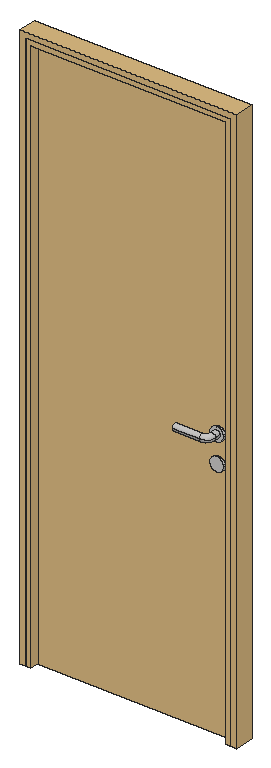
Revit family "BRU_Дверь_Межкомнатная", category Двери, Revit 2021
Family settings
  Основа = Стена
  Номер OmniClass = 23.30.10.00
  Заголовок OmniClass = Doors
  Всегда вертикально = Да
  При загрузке вырезать с полостями = Нет
  Общий = Нет
  Точка принадлежности помещению = Нет
Parameters (values of type "760х2080h")
  Ширина проема = 760 mm
  Функция = Наружные слои
  Угол на плане 30 = yes
  Толщина пола [instance] = 100 mm
  Тип полотна двери = АС-Полотно : Глухое
  Ручка двери = ADSK_Металл_Сталь нержавеющая
  Рама двери_Ширина справа = 50 mm
  Рама двери_Ширина слева = 50 mm
  Рама двери_Ширина внизу = 50 mm
  Рама двери_Ширина вверху = 50 mm
  Рама двери = ADSK_Древесина_Брус
  Полотно_Ширина = Rough Width - Коробка_Ширина * 2  # 740 mm
  Полотно_Высота = Rough Height - Коробка_Ширина  # 2070 mm
  Откосы_Ширина [instance] = 30 mm
  Определить тепловые свойства по = Тип схем
  Высота проема = 2080 mm
  BRU_1С = "Не классифицируется"
  ADSK_Обозначение = "ГОСТ 475-2016"  # constant formula
  Наличник двери = ADSK_Древесина_Брус
  Аналитическая конструкция = "<Нет>"
  ADSK_Этаж [instance] = ""
  ADSK_Примечание [instance] = ""
  ADSK_Позиция [instance] = ""
  ADSK_Наименование = "ДГ 21-8"
  Монтажный зазор_Сверху толщина = 20 mm
  Коробка_Ширина = 30 mm
  Коробка_Толщина = 70 mm
  Правая = yes
  Полотно двери = ADSK_Древесина_Брус
  Остекление двери = none
  Наличник_Ширина [instance] = 60 mm
  Наличник_Толщина [instance] = 10 mm
  Наличник снаружи [instance] = no
  Наличник внутри [instance] = no
  Монтажный зазор_Сбоку толщина = 20 mm
  Вставка_Глубина [instance] = 0 mm
  Левая = not(Правая)  # no
  Инструкция по семейству [instance] = ""
  Огибание наружных слоев [instance] = 0 mm
  Width [instance] = Ширина проема  # 760 mm
  Thickness = 40 mm
  Rough Width = Ширина проема + Монтажный зазор_Сбоку толщина * 2  # 800 mm
  Rough Height = Высота проема + Монтажный зазор_Сверху толщина  # 2100 mm
  Model = ""
  Manufacturer = ""
  Wall Closure = (empty or 0)
  Height [instance] = Высота проема  # 2080 mm
  Описание = "Дверь деревянная внутренняя глухая"
  Тип конструкций = "Дверь деревянная"
  ADSK_Открывание = if(Правая, "Правая", "Левая")  # "Правая"
  ADSK_Наименование краткое = ""
  ADSK_Масса_Текст = ""
  ADSK_Количество [instance] = 0
  ADSK_Код изделия = ""
  ADSK_Зона [instance] = ""
  ADSK_Завод-изготовитель = ""
  ADSK_Единица измерения = ""
  ADSK_Группирование [instance] = ""
  ADSK_URL страницы изделия = ""
  ADSK_URL документации изделия = ""
Types (4, lengths in mm): name | Ширина проема | Полотно_Ширина | Полотно_Высота | Высота проема | ADSK_Наименование | Правая | Левая | Width | Rough Width | Rough Height | Height | ADSK_Открывание
  760х2080h | 760 | 740 | 2070 | 2080 | "ДГ 21-8" | yes | no | 760 | 800 | 2100 | 2080 | "Правая"
  860х2080h | 900 | 880 | 2060 | 2070 | "ДГ 21-9" | yes | no | 900 | 940 | 2090 | 2070 | "Правая"
  760х2080h Л | 800 | 780 | 2060 | 2070 | "ДГ 21-8 Л" | no | yes | 800 | 840 | 2090 | 2070 | "Левая"
  860х2080h Л | 900 | 880 | 2060 | 2070 | "ДГ 21-9 Л" | no | yes | 900 | 940 | 2090 | 2070 | "Левая"
Reference planes
  plane 1: y = 0
  plane 2 "По центру (Влево/Вправо)": x = 0
  plane 3 "Слева": x = -380
  plane 4 "Справа": x = 380
  plane 5: z = 2080
  plane 6 "Наружный": y = 50
  plane 7 "Внутренние": y = -50
  plane 8 "Вставка двери": y = 50
  plane 9 "Четверть сверху": z = 1920
  plane 10 "Полотно двери": y = 10
  plane 11 "Рама внутри": y = -20
  plane 12 "Монтажный зазор слева": x = -400
  plane 13 "Монтажный зазор справа": x = 400
  plane 14 "Монтажный зазор сверху": z = 2100
  plane 15 "Глубина огибания наружного слоя": y = 50
  plane 16: y = 60
  plane 17: y = -60
  plane 18: x = -370
  plane 19: x = 370
  plane 20: z = 1035
  plane 21 "Верх полотна": z = 2070
  plane 22 "Уровень плиты": z = -100
  plane 23: z = 0
Forms (mm)
  Sweep 1, solid, material "ADSK_Древесина_Брус" <- "Наличник двери", visible <- "Наличник снаружи", detail levels fine
    path origin (0, 50, 0) x (1, 0, 0) y (0, 0, 1)
      loop
        line (-380, 0) -> (-380, 2080) -> (380, 2080) -> (380, 0)
    profile origin (-380, 50, 1040) x (-1, 0, 0) y (0, -1, 0)
      loop
        line (20, 0) -> (20, -5)
        arc (20, -5) -> (21.464, -8.536) -> (25, -10) r 5
        line (25, -10) -> (75, -10)
        arc (75, -10) -> (78.536, -8.536) -> (80, -5) r 5
        line (80, -5) -> (80, 0) -> (20, 0)
  Sweep 2, solid, material "ADSK_Древесина_Брус" <- "Наличник двери", visible <- "Наличник внутри", detail levels fine
    path origin (0, -50, 0) x (1, 0, 0) y (0, 0, 1)
      loop
        line (-380, 0) -> (-380, 2080) -> (380, 2080) -> (380, 0)
    profile origin (-380, -50, 1040) x (-1, 0, 0) y (0, -1, 0)
      loop
        line (20, 0) -> (80, 0) -> (80, 5)
        arc (80, 5) -> (78.536, 8.536) -> (75, 10) r 5
        line (75, 10) -> (25, 10)
        arc (25, 10) -> (21.464, 8.536) -> (20, 5) r 5
        line (20, 5) -> (20, 0)
  Sweep 3, solid, material "ADSK_Древесина_Брус" <- "Рама двери", detail levels medium+fine
    path origin (0, 50, 0) x (-1, 0, 0) y (0, 0, 1)
      loop
        line (400, 0) -> (400, 2100) -> (-400, 2100) -> (-400, 0)
    profile origin (400, 50, 1050) x (0, 1, 0) y (-1, 0, 0)
      loop
        line (0, 0) -> (0, 30) -> (-40, 30) -> (-40, 40) -> (-70, 40) -> (-70, 0) -> (0, 0)
  Sweep 4, solid, material "ADSK_Древесина_Брус" <- "Наличник двери", visible <- "Наличник внутри", detail levels fine
    path origin (0, -20, 0) x (-1, 0, 0) y (0, 0, 1)
      loop
        line (380, 0) -> (380, 2080) -> (-380, 2080) -> (-380, 0)
    profile origin (-380, -20, 1040) x (1, 0, 0) y (0, 1, 0)
      loop
        line (0, -35) -> (0, 0) -> (-20, 0) -> (-20, -35) -> (0, -35)
  Sweep 5, solid, material "ADSK_Древесина_Брус" <- "Наличник двери", visible <- "Наличник снаружи", detail levels fine
    path origin (0, 50, 0) x (-1, 0, 0) y (0, 0, 1)
      loop
        line (380, 0) -> (380, 2080) -> (-380, 2080) -> (-380, 0)
    profile origin (380, 50, 1040) x (0, 1, 0) y (-1, 0, 0)
      loop
        line (5, 0) -> (0, 0) -> (0, -20) -> (5, -20) -> (5, 0)
  Extrusion 6, solid, material "ADSK_Древесина_Брус" <- "Рама двери", detail levels medium+fine
    sketch origin (-2514.822, 50, 1200) x (-1, 0, 0) y (0, 0, 1)
      loop
        line (-2894.822, 880) -> (-2134.822, 880) -> (-2134.822, -1200) -> (-2114.822, -1200) -> (-2114.822, 900) -> (-2914.822, 900) -> (-2914.822, -1200) -> (-2894.822, -1200) -> (-2894.822, 880)
    from 0 to -70
Cuts and joins
  joined: Sweep 2, Sweep 4
  joined: Sweep 1, Sweep 5
Lines and regions (mm)
  Masking region 1, detail levels fine
    outline origin (0, 0, 0) x (0, 1, 0) y (0, 0, 1)
      loop
        line (-20, 2060) -> (10, 2060) -> (10, 2070) -> (50, 2070) -> (50, 2100) -> (-20, 2100) -> (-20, 2060)
  Masking region 2, detail levels fine
    outline origin (0, 0, 0) x (0, 1, 0) y (0, 0, 1)
      loop
        line (50, 2100) -> (-20, 2100) -> (-20, 2080) -> (50, 2080) -> (50, 2100)
  Masking region 3, detail levels fine
    outline origin (0, 0, 0) x (0, 1, 0) y (0, 0, 1)
      loop
        line (50, 0) -> (50, 2070) -> (10, 2070) -> (10, 0) -> (50, 0)
  Masking region 4, detail levels fine
    outline origin (0, 0, 0) x (0, 1, 0) y (0, 0, 1)
      loop
        line (-20, 2060) -> (-20, 0) -> (10, 0) -> (10, 2060) -> (-20, 2060)
  Masking region 5, detail levels medium
    outline origin (0, 0, 0) x (0, 1, 0) y (0, 0, 1)
      loop
        line (50, 0) -> (50, 2080) -> (-20, 2080) -> (-20, 0) -> (50, 0)
  Opening 1
    outline origin (-5000, -50, 0) x (1, 0, 0) y (0, 0, 1)
      loop
        line (5380, 2080) -> (4620, 2080) -> (4620, -100) -> (5380, -100) -> (5380, 2080)
  Masking region 6, detail levels medium+fine
    outline origin (0, 0, 930) x (0, 1, 0) y (0, 0, 1)
      loop
        line (-20, -930) -> (-20, 1150) -> (-50, 1150) -> (-50, -930) -> (-20, -930)
  symbolic lines, style "Открывание", visible <- "Правая", detail levels medium
    curve 1: line (-370, 50, 0) -> (370, 50, 1035)
    curve 2: line (370, 50, 1035) -> (-370, 50, 2070)
  symbolic lines, style "Открывание", visible <- "Левая", detail levels medium
    curve 3: line (370, 50, 0) -> (-370, 50, 1035)
    curve 4: line (-370, 50, 1035) -> (370, 50, 2070)
Text (mm)
  text "Наружный" at (-2295.016, 1099.543, 0), in view "Опорный уровень "
  text "Наружный" at (0, 1615.38, 3698.081), in view "Слева"
  text "Наружный" at (0, 1036.032, 3874.932), in view "Справа"
Dimensions and locks
  equal spacing: plane 12 "Монтажный зазор слева", plane 2 "По центру (Влево/Вправо)", plane 13 "Монтажный зазор справа"
  "Ширина проема": plane 3 "Слева" to plane 4 "Справа"
  "Rough Height": host wall to plane 14 "Монтажный зазор сверху"
  "Height": host wall to plane 5
  locked: plane 6 "Наружный" to host wall
  locked: plane 7 "Внутренние" to host wall
  "Вставка_Глубина": plane 6 "Наружный" to plane 8 "Вставка двери"
  "Коробка_Толщина": plane 8 "Вставка двери" to plane 11 "Рама внутри"
  "Thickness": plane 8 "Вставка двери" to plane 10 "Полотно двери"
  "Огибание наружных слоев": plane 6 "Наружный" to plane 15 "Глубина огибания наружного слоя"
  "Наличник_Ширина": Sweep 2 sketch curve to Sweep 2 sketch curve
  locked: Sweep 2 sketch curve to Sweep 2 sketch curve at 5  (x4)
  locked: Sweep 1 sketch curve to Sweep 1 sketch curve at 5
  "Коробка_Ширина": Sweep 3 sketch curve to profile plane
  locked: Sweep 3 sketch curve to Sweep 3 sketch curve at 10
  locked: Sweep 4 sketch curve to plane 17 at 5
  "Наличник_Толщина": plane 7 "Внутренние" to plane 17
  "Наличник_Толщина": plane 16 to plane 6 "Наружный"
  locked: plane 16 to Sweep 1 sketch curve at 5  (x2)
  locked: plane 16 to Sweep 5 sketch curve at 5
  "Откосы_Ширина": plane 7 "Внутренние" to plane 11 "Рама внутри"
  equal spacing: plane 3 "Слева", plane 2 "По центру (Влево/Вправо)", plane 4 "Справа"
  "Rough Width": plane 12 "Монтажный зазор слева" to plane 13 "Монтажный зазор справа"
  "Коробка_Ширина": plane 12 "Монтажный зазор слева" to plane 18
  "Коробка_Ширина": plane 19 to plane 13 "Монтажный зазор справа"
  equal spacing: level, plane 20, plane 21 "Верх полотна"
  "Коробка_Ширина": plane 21 "Верх полотна" to plane 14 "Монтажный зазор сверху"
  "Наличник_Ширина": Sweep 1 sketch curve to plane 12 "Монтажный зазор слева"
  locked: Sweep 1 sketch curve to plane 12 "Монтажный зазор слева" at 5
  "Толщина пола": plane 22 "Уровень плиты" to plane 23
  aligned and locked: plane 1 to host wall
  aligned and locked: Sweep 2 sketch curve to plane 3 "Слева"
  aligned and locked: Sweep 2 sketch curve to plane 5
  aligned and locked: Sweep 2 sketch curve to plane 4 "Справа"
  aligned and locked: level to Sweep 2 sketch curve  (x2)
  aligned and locked: Sweep 2 sketch curve to plane 7 "Внутренние"
  aligned and locked: Sweep 3 sketch curve to plane 13 "Монтажный зазор справа"
  aligned and locked: Sweep 3 sketch curve to plane 14 "Монтажный зазор сверху"
  aligned and locked: Sweep 3 sketch curve to plane 12 "Монтажный зазор слева"
  aligned and locked: level to Sweep 3 sketch curve  (x2)
  aligned and locked: profile plane to Sweep 3 sketch curve
  aligned and locked: plane 11 "Рама внутри" to Sweep 3 sketch curve
  aligned and locked: plane 8 "Вставка двери" to Sweep 3 sketch curve
  aligned and locked: plane 10 "Полотно двери" to Sweep 3 sketch curve
  aligned and locked: Sweep 2 sketch curve to plane 12 "Монтажный зазор слева"
  aligned and locked: plane 3 "Слева" to Sweep 4 sketch curve
  aligned and locked: plane 5 to Sweep 4 sketch curve
  aligned and locked: plane 4 "Справа" to Sweep 4 sketch curve
  aligned and locked: level to Sweep 4 sketch curve  (x2)
  aligned and locked: Sweep 4 sketch curve to plane 3 "Слева"
  aligned and locked: Sweep 4 sketch curve to plane 12 "Монтажный зазор слева"
  aligned and locked: Sweep 4 sketch curve to plane 11 "Рама внутри"
  aligned and locked: profile plane to Sweep 1 sketch curve
  aligned and locked: level to Sweep 5 sketch curve  (x2)
  aligned and locked: plane 8 "Вставка двери" to Sweep 5 sketch curve
  aligned and locked: plane 17 to Sweep 2 sketch curve
  aligned and locked: plane 16 to Sweep 1 sketch curve
  aligned and locked: Masking region 1 sketch curve to Sweep 3  (x2)
  aligned and locked: plane 10 "Полотно двери" to Masking region 1 sketch curve
  aligned and locked: plane 11 "Рама внутри" to Masking region 1 sketch curve
  aligned and locked: plane 8 "Вставка двери" to Masking region 1 sketch curve
  aligned and locked: plane 14 "Монтажный зазор сверху" to Masking region 1 sketch curve
  aligned and locked: plane 8 "Вставка двери" to Masking region 2 sketch curve
  aligned and locked: plane 11 "Рама внутри" to Masking region 2 sketch curve
  aligned and locked: plane 14 "Монтажный зазор сверху" to Masking region 2 sketch curve
  aligned and locked: plane 5 to Masking region 2 sketch curve
  aligned and locked: plane 8 "Вставка двери" to Masking region 3 sketch curve
  aligned and locked: plane 10 "Полотно двери" to Masking region 3 sketch curve
  aligned and locked: level to Masking region 3 sketch curve
  aligned and locked: Masking region 3 sketch curve to Sweep 3
  aligned and locked: Masking region 4 sketch curve to Sweep 3
  aligned and locked: plane 11 "Рама внутри" to Masking region 4 sketch curve
  aligned and locked: plane 10 "Полотно двери" to Masking region 4 sketch curve
  aligned and locked: level to Masking region 4 sketch curve
  aligned and locked: plane 8 "Вставка двери" to Masking region 5 sketch curve
  aligned and locked: plane 11 "Рама внутри" to Masking region 5 sketch curve
  aligned and locked: plane 5 to Masking region 5 sketch curve
  aligned and locked: level to Masking region 5 sketch curve
  aligned and locked: Extrusion 6 sketch curve to plane 4 "Справа"
  aligned and locked: Extrusion 6 sketch curve to plane 3 "Слева"
  aligned and locked: Extrusion 6 sketch curve to plane 5
  aligned and locked: Extrusion 6 sketch curve to plane 14 "Монтажный зазор сверху"
  aligned and locked: Extrusion 6 sketch curve to plane 12 "Монтажный зазор слева"
  aligned and locked: Extrusion 6 sketch curve to plane 13 "Монтажный зазор справа"
  aligned and locked: Extrusion 6 sketch curve to level
  aligned and locked: Extrusion 6 to plane 11 "Рама внутри"
  aligned and locked: plane 8 "Вставка двери" to Extrusion 6
  aligned and locked: nested 1 to plane 8 "Вставка двери"
  aligned and locked: nested 1 to plane 3 "Слева"
  aligned and locked: nested 2 to plane 3 "Слева"
  aligned and locked: plane 8 "Вставка двери" to nested 2
  aligned and locked: nested 3 to plane 8 "Вставка двери"
  aligned and locked: nested 3 to plane 18
  aligned and locked: nested 3 to plane 19
  aligned and locked: nested 4 to plane 8 "Вставка двери"
  aligned and locked: nested 4 to plane 18
  aligned and locked: plane 8 "Вставка двери" to nested 5
  aligned and locked: nested 5 to plane 19
  aligned and locked: curve 3 to Sweep 3
  aligned and locked: Sweep 3 to curve 1
  aligned and locked: plane 21 "Верх полотна" to curve 2
  aligned and locked: plane 21 "Верх полотна" to curve 4
  aligned and locked: plane 20 to curve 2
  aligned and locked: plane 20 to curve 4
  aligned and locked: level to curve 1
  aligned and locked: level to curve 3
  aligned and locked: plane 18 to curve 2
  aligned and locked: plane 19 to curve 4
  aligned and locked: plane 19 to curve 2
  aligned and locked: plane 18 to curve 4
  aligned and locked: plane 3 "Слева" to Sweep 1 sketch curve
  aligned and locked: plane 4 "Справа" to Sweep 1 sketch curve
  aligned and locked: plane 5 to Sweep 1 sketch curve
  aligned and locked: Sweep 1 sketch curve to plane 12 "Монтажный зазор слева"
  aligned and locked: Sweep 5 sketch curve to plane 3 "Слева"
  aligned and locked: Sweep 5 sketch curve to plane 4 "Справа"
  aligned and locked: plane 5 to Sweep 5 sketch curve
  aligned and locked: plane 4 "Справа" to Sweep 5 sketch curve
  aligned and locked: Sweep 5 sketch curve to plane 13 "Монтажный зазор справа"
  aligned and locked: plane 4 "Справа" to Opening 1 sketch curve
  aligned and locked: plane 3 "Слева" to Opening 1 sketch curve
  aligned and locked: plane 5 to Opening 1 sketch curve
  aligned and locked: Opening 1 sketch curve to plane 22 "Уровень плиты"
  aligned and locked: level to Masking region 6
  aligned and locked: plane 5 to Masking region 6
  aligned and locked: plane 23 to level
  aligned and locked: Masking region 6 to plane 11 "Рама внутри"
  aligned and locked: Masking region 6 to plane 7 "Внутренние"
  aligned and locked: plane 23 to nested 3
Automatic sketch dimensions
  Sweep 1 sketch curve to level = 0 mm  (x2)
  Extrusion 6 sketch curve to level = 0 mm
  Masking region 6 sketch curve to plane 11 "Рама внутри" = 30 mm
  Masking region 6 sketch curve to host wall = 70 mm
  Masking region 6 sketch curve to plane 20 = 1035 mm
  Masking region 6 sketch curve to plane 5 = 0 mm
Nested families
  nested 1: "АС-Однопольная-Обозначение на плане" at (0, 50, 0), Height <- "Height", Rough Width <- "Rough Width", Thickness <- "Thickness", visible <- "Левая", Width <- "Width", type "АС-Стандарт"
    with Width 760 mm, Thickness 40 mm, Rough Width 800 mm, Height 2080 mm, Ширина проема 760 mm, Полотно_Ширина 660 mm
  nested 2: "АС-Однопольная-Обозначение на плане" at (0, 50, 0) x (-1, 0, 0) z (0, 0, 1), Height <- "Height", Rough Width <- "Rough Width", Thickness <- "Thickness", visible <- "Правая", Width <- "Width", type "АС-Стандарт"
    with Width 760 mm, Thickness 40 mm, Rough Width 800 mm, Height 2080 mm, Ширина проема 760 mm, Полотно_Ширина 660 mm
  nested 3: "АС-Полотно" at (0, 50, 0), Рама.Ширина справа <- "Рама двери_Ширина справа", Рама.Ширина слева <- "Рама двери_Ширина слева", Рама.Ширина внизу <- "Рама двери_Ширина внизу", Рама.Ширина вверху <- "Рама двери_Ширина вверху", Полотно двери.Толщина <- "Thickness", Полотно двери.Ширина <- "Полотно_Ширина", type <- "Тип полотна двери", Фурнитура <- "Ручка двери", Полотно двери <- "Полотно двери", Остекление двери <- "Остекление двери", Полотно двери.Высота <- "Полотно_Высота", type "Глухое"
    with Фурнитура ADSK_Металл_Сталь нержавеющая, Рама.Ширина справа 50 mm, Рама.Ширина слева 50 mm, Рама.Ширина внизу 50 mm, Рама.Ширина вверху 50 mm, Полотно двери.Ширина 740 mm, Полотно двери.Толщина 40 mm, Полотно двери.Высота 2070 mm, Полотно двери ADSK_Древесина_Брус, Остекление двери none
  nested 4: "АС-Ручка двери" at (-370, 50, 0), Полотно двери.Толщина <- "Thickness", visible <- "Левая", Ручка двери <- "Ручка двери", type "АС-Стандарт"
    with Ручка двери ADSK_Металл_Сталь нержавеющая, Полотно двери.Толщина 40 mm, Отступ ручки от края 60 mm
  nested 5: "АС-Ручка двери" at (370, 50, 0) x (-1, 0, 0) z (0, 0, 1), Полотно двери.Толщина <- "Thickness", visible <- "Правая", Ручка двери <- "Ручка двери", type "АС-Стандарт"
    with Ручка двери ADSK_Металл_Сталь нержавеющая, Полотно двери.Толщина 40 mm, Отступ ручки от края 60 mm
Definition of nested family "АС-Полотно"
  Parameters
    Фурнитура [instance] = none
    Рама.Ширина справа [instance] = 50 mm
    Рама.Ширина слева [instance] = 50 mm
    Рама.Ширина внизу [instance] = 50 mm
    Рама.Ширина вверху [instance] = 50 mm
    Остекленное = not(Глухое)  # no
    Полотно двери.Ширина [instance] = 1000 mm
    Полотно двери.Толщина [instance] = 40 mm
    Полотно двери.Высота [instance] = 2100 mm
    Полотно двери [instance] = none
    Глухое = yes
    Остекление двери [instance] = none
    Default Elevation = 0 mm
  Reference planes
    plane 1 "Center (Front/Back)": y = 0
    plane 2: z = 0
    plane 3 "Center (Left/Right)": x = 0
    plane 4: x = -500
    plane 5: x = 500
    plane 6 "Back": y = -40
    plane 7: z = 2100
    plane 8 "Остекление снаружи": y = -8
    plane 9 "Остекление внутри": y = -32
    plane 10 "Ширина рамы справа": x = -450
    plane 11 "Ширина рамы слева": x = 450
    plane 12 "Ширина рамы внизу": z = 50
    plane 13 "Ширина рамы вверху": z = 2050
  Forms (mm)
    Extrusion 1, solid, material <- "Полотно двери", visible <- "Глухое", detail levels medium+fine
      sketch origin (0, 0, 0) x (1, 0, 0) y (0, 0, 1)
        loop
          line (-500, 2100) -> (-500, 0) -> (500, 0) -> (500, 2100) -> (-500, 2100)
      from 0 to 40 <- "Полотно двери.Толщина"
    Extrusion 2, solid, material <- "Полотно двери", visible <- "Остекленное", detail levels medium+fine
      sketch origin (0, 0, 0) x (1, 0, 0) y (0, 0, 1)
        loop
          line (-500, 2100) -> (-500, 0) -> (500, 0) -> (500, 2100) -> (-500, 2100)
        loop
          line (-450, 50) -> (450, 50) -> (450, 2050) -> (-450, 2050) -> (-450, 50)
      from 0 to 40
    Extrusion 3, solid, material <- "Остекление двери", visible <- "Остекленное", detail levels medium+fine
      sketch origin (-646.608, -8, 1200) x (-1, 0, 0) y (0, 0, 1)
        loop
          line (-196.608, 850) -> (-1096.608, 850) -> (-1096.608, -1150) -> (-196.608, -1150) -> (-196.608, 850)
      from 0 to -24
  Dimensions and locks
    "Полотно двери.Толщина": plane 1 "Center (Front/Back)" to plane 6 "Back"
    equal spacing: plane 4, plane 3 "Center (Left/Right)", plane 5
    "Полотно двери.Ширина": plane 4 to plane 5
    "Полотно двери.Высота": plane 7 to plane 2
    locked: plane 9 "Остекление внутри" to plane 6 "Back" at 8
    locked: plane 1 "Center (Front/Back)" to plane 8 "Остекление снаружи" at 8
    "Рама.Ширина вверху": plane 7 to plane 13 "Ширина рамы вверху"
    "Рама.Ширина внизу": plane 12 "Ширина рамы внизу" to plane 2
    "Рама.Ширина справа": plane 5 to plane 11 "Ширина рамы слева"
    "Рама.Ширина слева": plane 10 "Ширина рамы справа" to plane 4
    plane 7 to plane 2 = 2100 mm
    aligned and locked: level to plane 2
    aligned and locked: Extrusion 1 sketch curve to plane 7
    aligned and locked: plane 4 to Extrusion 1 sketch curve
    aligned and locked: plane 2 to Extrusion 1 sketch curve
    aligned and locked: Extrusion 1 sketch curve to plane 5
    aligned and locked: Extrusion 1 to plane 1 "Center (Front/Back)"
    aligned and locked: Extrusion 1 to plane 6 "Back"
    aligned and locked: Extrusion 2 sketch curve to plane 4
    aligned and locked: Extrusion 2 sketch curve to plane 5
    aligned and locked: Extrusion 2 sketch curve to plane 7
    aligned and locked: Extrusion 2 sketch curve to plane 2
    aligned and locked: Extrusion 2 sketch curve to plane 12 "Ширина рамы внизу"
    aligned and locked: Extrusion 2 sketch curve to plane 10 "Ширина рамы справа"
    aligned and locked: Extrusion 2 sketch curve to plane 11 "Ширина рамы слева"
    aligned and locked: Extrusion 2 sketch curve to plane 13 "Ширина рамы вверху"
    aligned and locked: Extrusion 2 to plane 1 "Center (Front/Back)"
    aligned and locked: Extrusion 2 to plane 6 "Back"
    aligned and locked: plane 10 "Ширина рамы справа" to Extrusion 3 sketch curve
    aligned and locked: plane 11 "Ширина рамы слева" to Extrusion 3 sketch curve
    aligned and locked: plane 13 "Ширина рамы вверху" to Extrusion 3 sketch curve
    aligned and locked: plane 12 "Ширина рамы внизу" to Extrusion 3 sketch curve
    aligned and locked: Extrusion 3 to plane 8 "Остекление снаружи"
    aligned and locked: Extrusion 3 to plane 9 "Остекление внутри"
    aligned and locked: plane 7 to Extrusion 2
    aligned and locked: plane 4 to Extrusion 2
Definition of nested family "АС-Ручка двери"
  Parameters
    Ручка двери [instance] = none
    Полотно двери.Толщина [instance] = 40 mm
    Отступ ручки от края = 100 mm
    Высота расположения ручки = 1000 mm
    Default Elevation = 0 mm
  Reference planes
    plane 1 "Наружная сторона полотна": y = 0
    plane 2: z = 0
    plane 3 "Край полотна": x = 0
    plane 4 "Вертикаль расположения": x = 100
    plane 5 "Горизонталь расположения": z = 1000
    plane 6 "Внутренняя сторона полотна": y = -40
  Forms (mm)
    Sweep 1, solid, material <- "Ручка двери", detail levels fine
      path origin (0, 0, 1000) x (1, 0, 0) y (0, 1, 0)
        loop
          line (220, 50) -> (120, 50)
          arc (120, 50) -> (105.858, 44.142) -> (100, 30) r 20
          line (100, 30) -> (100, -70)
          arc (100, -70) -> (105.858, -84.142) -> (120, -90) r 20
          line (120, -90) -> (220, -90)
      profile origin (100, -20, 1000) x (1, 0, 0) y (0, 0, 1)
        loop
          circle (0, 0) r 12
    Extrusion 2, solid, material <- "Ручка двери", detail levels fine
      sketch origin (155, 0, 0) x (1, 0, 0) y (0, 0, 1)
        loop
          circle (-55, 1000) r 25
      from 48 to -8
    Extrusion 3, solid, material <- "Ручка двери", detail levels fine
      sketch origin (0, 0, 0) x (1, 0, 0) y (0, 0, 1)
        loop
          circle (100, 900) r 25
      from 48 to -8
  Cuts and joins
    joined: Sweep 1, Extrusion 2
  Dimensions and locks
    "Отступ ручки от края": plane 3 "Край полотна" to plane 4 "Вертикаль расположения"
    "Высота расположения ручки": plane 5 "Горизонталь расположения" to level
    "Полотно двери.Толщина": plane 1 "Наружная сторона полотна" to plane 6 "Внутренняя сторона полотна"
    locked: plane 1 "Наружная сторона полотна" to Extrusion 3 at 8
    locked: plane 1 "Наружная сторона полотна" to Extrusion 2 at 8
    locked: plane 6 "Внутренняя сторона полотна" to Extrusion 3 at 8
    locked: plane 6 "Внутренняя сторона полотна" to Extrusion 2 at 8
    locked: plane 4 "Вертикаль расположения" to Extrusion 2 sketch curve at 0
    locked: plane 5 "Горизонталь расположения" to Extrusion 2 sketch curve at 0
    locked: Extrusion 3 sketch curve to plane 5 "Горизонталь расположения" at 100
    locked: Extrusion 3 sketch curve to plane 4 "Вертикаль расположения"
    locked: plane 1 "Наружная сторона полотна" to Sweep 1 sketch curve at 50
    locked: plane 6 "Внутренняя сторона полотна" to Sweep 1 sketch curve at 50
    locked: plane 4 "Вертикаль расположения" to Sweep 1 sketch curve at 120  (x2)
    locked: Sweep 1 sketch curve to plane 5 "Горизонталь расположения"
    locked: plane 4 "Вертикаль расположения" to Sweep 1 sketch curve at 0
    aligned and locked: Sweep 1 sketch curve to plane 4 "Вертикаль расположения"
  Automatic sketch dimensions
    plane 4 "Вертикаль расположения" to Sweep 1 sketch curve = 20 mm  (x2)
    radius of Sweep 1 sketch curve = 12 mm
    radius of Extrusion 2 sketch curve = 25 mm
    radius of Extrusion 3 sketch curve = 25 mm
Definition of nested family "АС-Однопольная-Обозначение на плане"
  Parameters (values of type "АС-Стандарт")
    Ширина проема = 1100 mm
    Полотно_Ширина = Ширина проема - Коробка_Ширина * 2 - Монтажный_Зазор * 2  # 1000 mm
    Открывание двери 90 = not(Открывание двери 30)  # no
    Открывание двери 30 = yes
    Define Thermal Properties by = 1
    Монтажный_Зазор = 20 mm
    Линия открывания (дуга) = not(Открывание двери 30)  # no
    Коробка_Ширина_Полная = 40 mm
    Коробка_Ширина = 30 mm
    Коробка_Толщина = 70 mm
    Width [instance] = Ширина проема  # 1100 mm
    Thickness [instance] = 40 mm
    Rough Width [instance] = 960 mm
    Height [instance] = 2100 mm
    Default Elevation = 0 mm
    Analytic Construction = "<Нет>"
  Reference planes
    plane 1 "Center (Front/Back)": y = 0
    plane 2: z = 0
    plane 3 "Center (Left/Right)": x = 0
    plane 4 "Полотно.Слева": x = -530
    plane 5 "Полотно справа": x = 530
    plane 6 "Проем.Слева": x = -550
    plane 7 "Проем.Справа": x = 550
    plane 8 "Полотно. Внутренняя сторона": y = -40
    plane 9 "Коробка. Внутренняя сторона": y = -70
    plane 10 "Коробка.Внутренняя сторона слева": x = -500
    plane 11 "Коробка. Внутренняя сторона справа": x = 500
  Lines and regions (mm)
    Masking region 1, visible <- "Открывание двери 90", detail levels fine
      outline origin (0, 0, 0) x (1, 0, 0) y (0, 1, 0)
        loop
          line (500, 0) -> (500, 1000) -> (460, 1000) -> (460, 0) -> (500, 0)
    symbolic lines, visible <- "Открывание двери 30", detail levels medium
      curve 1: line (550, 0, 0) -> (-402.628, 550, 0)
    symbolic lines, visible <- "Открывание двери 90", detail levels medium
      curve 2: line (550, 0, 0) -> (550, 1100, 0)
    symbolic lines, visible <- "Линия открывания (дуга)", detail levels medium
      curve 3: arc (550, 1100, 0) -> (-227.817, 777.817, 0) -> (-550, 0, 0) r 1100
    symbolic lines, visible <- "Линия открывания (дуга)", detail levels fine
      curve 4: arc (-500, 0, 0) -> (-207.107, 707.107, 0) -> (500, 1000, 0) r 1000
    model lines
      curve 5: line (0, 0, 0) -> (0, 0, 2100)
      curve 7: line (-388.117, 466.567, 0) -> (480, -34.641, 0)
      curve 8: line (480, -34.641, 0) -> (500, 0, 0)
      curve 9: line (500, 0, 0) -> (-366.025, 500, 0)
      curve 10: line (-388.117, 466.567, 0) -> (-366.025, 500, 0)
      curve 11: line (500, 0, 0) -> (530, 0, 0)
      curve 12: line (530, 0, 0) -> (530, -70, 0)
      curve 13: line (530, -70, 0) -> (490, -70, 0)
      curve 14: line (490, -70, 0) -> (490, -40, 0)
      curve 15: line (490, -40, 0) -> (500, -40, 0)
      curve 16: line (500, -40, 0) -> (500, 0, 0)
      curve 17: line (530, -70, 0) -> (550, -70, 0)
      curve 18: line (530, 0, 0) -> (530, -70, 0)
      curve 19: line (550, 0, 0) -> (530, 0, 0)
      curve 20: line (550, -70, 0) -> (550, 0, 0)
      curve 21: line (-500, -40, 0) -> (-490, -40, 0)
      curve 22: line (-490, -40, 0) -> (-490, -70, 0)
      curve 23: line (-490, -70, 0) -> (-530, -70, 0)
      curve 24: line (-530, -70, 0) -> (-530, 0, 0)
      curve 25: line (-530, 0, 0) -> (-500, 0, 0)
      curve 26: line (-500, 0, 0) -> (-500, -40, 0)
      curve 27: line (-550, 0, 0) -> (-530, 0, 0)
      curve 28: line (-550, -70, 0) -> (-550, 0, 0)
      curve 29: line (-530, -70, 0) -> (-550, -70, 0)
      curve 30: line (-530, 0, 0) -> (-530, -70, 0)
    symbolic lines, visible <- "Открывание двери 30", detail levels fine
      curve 6: arc (-500, 0, 0) -> (-472.455, 240.093, 0) -> (-388.117, 466.567, 0) r 999.997
  Dimensions and locks
    "Thickness": plane 1 "Center (Front/Back)" to plane 8 "Полотно. Внутренняя сторона"
    equal spacing: plane 6 "Проем.Слева", plane 3 "Center (Left/Right)", plane 7 "Проем.Справа"
    "Width": plane 6 "Проем.Слева" to plane 7 "Проем.Справа"
    plane 1 "Center (Front/Back)" to plane 9 "Коробка. Внутренняя сторона" = 70 mm
    "Коробка_Толщина": plane 9 "Коробка. Внутренняя сторона" to plane 1 "Center (Front/Back)"
    "Ширина проема": curve 1 to curve 1
    "Ширина проема": plane 1 "Center (Front/Back)" to curve 2
    "Полотно_Ширина": plane 1 "Center (Front/Back)" to Masking region 1 sketch curve
    "Thickness": Masking region 1 sketch curve to plane 11 "Коробка. Внутренняя сторона справа"
    "Height": curve 5 to level
    "Монтажный_Зазор": plane 6 "Проем.Слева" to plane 4 "Полотно.Слева"
    "Монтажный_Зазор": plane 5 "Полотно справа" to plane 7 "Проем.Справа"
    "Коробка_Ширина": plane 4 "Полотно.Слева" to plane 10 "Коробка.Внутренняя сторона слева"
    "Коробка_Ширина": plane 11 "Коробка. Внутренняя сторона справа" to plane 5 "Полотно справа"
    "Ширина проема": radius of curve 3
    "Полотно_Ширина": radius of curve 4
    angle curve 1 to plane 1 "Center (Front/Back)" = 30.00°
    aligned and locked: level to plane 2
    aligned and locked: plane 2 to curve 5
    aligned and locked: plane 3 "Center (Left/Right)" to curve 5
  Automatic sketch dimensions
    curve 28 to plane 6 "Проем.Слева" = 0 mm
    curve 23 to plane 4 "Полотно.Слева" = 0 mm
    curve 26 to plane 8 "Полотно. Внутренняя сторона" = 0 mm
    curve 26 to plane 10 "Коробка.Внутренняя сторона слева" = 0 mm
    curve 22 to plane 9 "Коробка. Внутренняя сторона" = 0 mm
    curve 15 to plane 8 "Полотно. Внутренняя сторона" = 0 mm
    curve 13 to plane 9 "Коробка. Внутренняя сторона" = 0 mm
    curve 11 to plane 11 "Коробка. Внутренняя сторона справа" = 0 mm
    curve 13 to plane 5 "Полотно справа" = 0 mm
    plane 10 "Коробка.Внутренняя сторона слева" to curve 22 = 10 mm
    curve 1 to curve 10 = 14.511 mm
    plane 8 "Полотно. Внутренняя сторона" to curve 7 = 5.359 mm
    curve 7 to curve 15 = 20 mm
    curve 15 to plane 11 "Коробка. Внутренняя сторона справа" = 10 mm
    curve 6 to plane 11 "Коробка. Внутренняя сторона справа" = 0.026 mm
    curve 10 to curve 9 = 0 mm
    Masking region 1 sketch curve to plane 11 "Коробка. Внутренняя сторона справа" = 0 mm
    plane 1 "Center (Front/Back)" to Masking region 1 sketch curve = 0 mm
